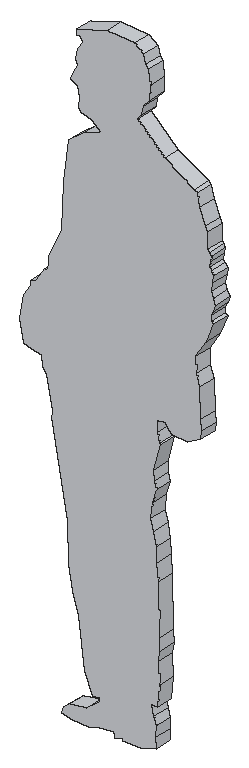
Revit family "Silhouette Man", category Generic Models, Revit 2016
Family settings
  Part Type = Normal
  Can host rebar = No
  Round Connector Dimension = Use Diameter
  Work Plane-Based = No
  Always vertical = Yes
  Cut with Voids When Loaded = No
  Shared = No
  Room Calculation Point = No
Parameters
  Material = none
  Height = 1873.138 mm
Reference planes
  plane 1 "Center (Front/Back)": y = 0
  plane 2: z = 0
  plane 3 "Center (Left/Right)": x = 0
Forms (mm)
  Extrusion 1, solid, material <- "Material"
    sketch origin (0, 0, 0) x (1, 0, 0) y (0, 0, 1)
      loop
        line (-215.673, 1172.648) -> (-240.718, 1134.028) -> (-256.894, 1128.14) -> (-256.894, 1114.459) -> (-278.843, 1083.112) -> (-287.889, 1018.745) -> (-278.843, 954.377) -> (-254.218, 946.849) -> (-225.493, 941.265) -> (-219.591, 913.499) -> (-209.683, 894.055) -> (-190.971, 806.022) -> (-190.971, 796.022) -> (-193.559, 786.362) -> (-146.441, 528.101) -> (-142.427, 413.171) -> (-130.835, 347.43) -> (-114.325, 285.811) -> (-97.263, 146.855) -> (-72.913, 86.588) -> (-63.35, 89.512) -> (-51.302, 89.512) -> (-51.302, 79.512) -> (-89.173, 50.973) -> (-140.566, 42.833) -> (-157.436, 28.169) -> (-163.251, 10.273) -> (-131.779, 2.426) -> (-85.495, 0) -> (-52.433, 8.656) -> (-10.435, 13.07) -> (-8.368, 6.31) -> (-6.439, 0) -> (16.042, 6.873) -> (16.042, 0.2) -> (69.835, 0.2) -> (116.458, 14.454) -> (115.945, 43.821) -> (116.992, 73.803) -> (108.853, 97.441) -> (103.949, 125.254) -> (119.896, 125.254) -> (125.126, 185.026) -> (122.904, 248.631) -> (127.29, 276.318) -> (126.013, 312.86) -> (122.694, 459.842) -> (118.337, 509.652) -> (116.941, 549.627) -> (109.308, 588.892) -> (100.841, 622.853) -> (104.476, 664.395) -> (116.311, 700.822) -> (111.541, 725.363) -> (110.03, 754.197) -> (129.441, 826.642) -> (125.906, 830.177) -> (119.552, 857.701) -> (119.552, 887.701) -> (131.464, 889.801) -> (145.222, 891.005) -> (152.653, 875.069) -> (164.144, 865.427) -> (210.77, 862.983) -> (249.051, 884.202) -> (251.641, 905.297) -> (248.926, 936.325) -> (245.96, 1021.273) -> (235.144, 1054.56) -> (233.574, 1099.533) -> (265.086, 1148.058) -> (287.563, 1203.689) -> (279.371, 1209.425) -> (279.371, 1224.425) -> (287.975, 1236.712) -> (292.82, 1254.796) -> (286.769, 1271.421) -> (280.409, 1288.898) -> (284.251, 1310.691) -> (287.724, 1330.387) -> (279.994, 1341.426) -> (274.258, 1349.618) -> (277.115, 1365.819) -> (279.72, 1380.591) -> (276.136, 1389.927) -> (269.065, 1396.998) -> (269.065, 1441.998) -> (263.69, 1456.002) -> (246.603, 1500.515) -> (238.136, 1534.475) -> (231.064, 1541.546) -> (140.132, 1594.046) -> (59.683, 1669.066) -> (73.495, 1684.955) -> (78.86, 1710.196) -> (97.393, 1731.516) -> (98.789, 1771.492) -> (94.288, 1814.317) -> (86.099, 1824.429) -> (79.469, 1849.174) -> (53.02, 1868.39) -> (-28.894, 1873.338) -> (-119.3, 1846.501) -> (-120.989, 1830.438) -> (-110.989, 1830.438) -> (-105.444, 1823.83) -> (-101.698, 1814.558) -> (-117.338, 1792.221) -> (-123.857, 1763.985) -> (-119.814, 1758.211) -> (-118.028, 1746.934) -> (-128.028, 1729.614) -> (-137.493, 1709.316) -> (-137.493, 1705.239) -> (-127.983, 1702.149) -> (-117.177, 1694.007) -> (-109.951, 1667.038) -> (-113.873, 1637.295) -> (-107.855, 1629.309) -> (-74.568, 1618.493) -> (-45.043, 1596.245) -> (-98.826, 1575.6) -> (-142.751, 1542.5) -> (-158.347, 1424.229) -> (-163.901, 1296.719) -> (-202.541, 1209.932) -> (-202.541, 1194.932) -> (-206.014, 1175.236) -> (-215.673, 1172.648)
    from 0 to 50
Lines and regions (mm)
  reference lines
    curve 1: line (2000, 0, 0) -> (-2000, 0, 0)
Dimensions and locks
  "Height": Extrusion 1 to Extrusion 1
  aligned and locked: level to plane 2
Automatic sketch dimensions
  curve 1 to plane 1 "Center (Front/Back)" = 0 mm
  curve 1 to plane 3 "Center (Left/Right)" = 2000 mm
  plane 3 "Center (Left/Right)" to curve 1 = 2000 mm
  Extrusion 1 sketch curve to level = 0 mm  (x2)
  Extrusion 1 sketch curve to plane 3 "Center (Left/Right)" = 287.889 mm
  Extrusion 1 sketch curve to Extrusion 1 sketch curve = 9.046 mm  (x2)
  Extrusion 1 sketch curve to Extrusion 1 sketch curve = 21.949 mm
  Extrusion 1 sketch curve to Extrusion 1 sketch curve = 24.625 mm
  Extrusion 1 sketch curve to Extrusion 1 sketch curve = 16.175 mm
  Extrusion 1 sketch curve to Extrusion 1 sketch curve = 28.725 mm
  Extrusion 1 sketch curve to Extrusion 1 sketch curve = 5.902 mm
  Extrusion 1 sketch curve to Extrusion 1 sketch curve = 25.045 mm
  Extrusion 1 sketch curve to Extrusion 1 sketch curve = 9.908 mm
  Extrusion 1 sketch curve to Extrusion 1 sketch curve = 9.659 mm  (x2)
  Extrusion 1 sketch curve to Extrusion 1 sketch curve = 3.473 mm
  Extrusion 1 sketch curve to Extrusion 1 sketch curve = 16.124 mm
  Extrusion 1 sketch curve to Extrusion 1 sketch curve = 2.588 mm  (x2)
  Extrusion 1 sketch curve to Extrusion 1 sketch curve = 38.64 mm
  level to Extrusion 1 sketch curve = 10.273 mm
  Extrusion 1 sketch curve to plane 3 "Center (Left/Right)" = 163.251 mm
  Extrusion 1 sketch curve to Extrusion 1 sketch curve = 5.554 mm  (x2)
  level to Extrusion 1 sketch curve = 28.169 mm
  Extrusion 1 sketch curve to Extrusion 1 sketch curve = 5.815 mm
  Extrusion 1 sketch curve to plane 3 "Center (Left/Right)" = 146.441 mm
  Extrusion 1 sketch curve to Extrusion 1 sketch curve = 15.596 mm
  Extrusion 1 sketch curve to Extrusion 1 sketch curve = 4.013 mm
  level to Extrusion 1 sketch curve = 42.833 mm
  Extrusion 1 sketch curve to Extrusion 1 sketch curve = 16.87 mm
  Extrusion 1 sketch curve to plane 3 "Center (Left/Right)" = 137.493 mm
  level to Extrusion 1 sketch curve = 2.426 mm
  Extrusion 1 sketch curve to Extrusion 1 sketch curve = 31.472 mm
  Extrusion 1 sketch curve to Extrusion 1 sketch curve = 11.592 mm
  Extrusion 1 sketch curve to Extrusion 1 sketch curve = 9.465 mm
  Extrusion 1 sketch curve to Extrusion 1 sketch curve = 9.511 mm
  Extrusion 1 sketch curve to Extrusion 1 sketch curve = 4.171 mm
  Extrusion 1 sketch curve to Extrusion 1 sketch curve = 2.869 mm
  Extrusion 1 sketch curve to Extrusion 1 sketch curve = 4.043 mm
  Extrusion 1 sketch curve to Extrusion 1 sketch curve = 1.688 mm
  Extrusion 1 sketch curve to Extrusion 1 sketch curve = 1.786 mm
  Extrusion 1 sketch curve to Extrusion 1 sketch curve = 6.519 mm
  Extrusion 1 sketch curve to Extrusion 1 sketch curve = 10.805 mm
  Extrusion 1 sketch curve to Extrusion 1 sketch curve = 16.511 mm
  Extrusion 1 sketch curve to Extrusion 1 sketch curve = 3.304 mm
  Extrusion 1 sketch curve to Extrusion 1 sketch curve = 10 mm  (x3)
  Extrusion 1 sketch curve to Extrusion 1 sketch curve = 7.226 mm
  Extrusion 1 sketch curve to Extrusion 1 sketch curve = 6.018 mm
  Extrusion 1 sketch curve to Extrusion 1 sketch curve = 5.545 mm
  Extrusion 1 sketch curve to Extrusion 1 sketch curve = 3.746 mm
  Extrusion 1 sketch curve to Extrusion 1 sketch curve = 9.028 mm
  Extrusion 1 sketch curve to plane 3 "Center (Left/Right)" = 97.263 mm
  Extrusion 1 sketch curve to Extrusion 1 sketch curve = 51.393 mm
  Extrusion 1 sketch curve to Extrusion 1 sketch curve = 46.284 mm
  Extrusion 1 sketch curve to Extrusion 1 sketch curve = 33.287 mm  (x2)
  Extrusion 1 sketch curve to Extrusion 1 sketch curve = 16.26 mm
  Extrusion 1 sketch curve to Extrusion 1 sketch curve = 9.563 mm
  level to Extrusion 1 sketch curve = 8.656 mm
  Extrusion 1 sketch curve to Extrusion 1 sketch curve = 33.062 mm
  Extrusion 1 sketch curve to Extrusion 1 sketch curve = 12.049 mm
  Extrusion 1 sketch curve to Extrusion 1 sketch curve = 29.525 mm
  Extrusion 1 sketch curve to plane 3 "Center (Left/Right)" = 28.894 mm
  Extrusion 1 sketch curve to plane 3 "Center (Left/Right)" = 10.435 mm
  Extrusion 1 sketch curve to Extrusion 1 sketch curve = 2.067 mm
  Extrusion 1 sketch curve to plane 3 "Center (Left/Right)" = 6.439 mm
  level to Extrusion 1 sketch curve = 6.873 mm
  plane 3 "Center (Left/Right)" to Extrusion 1 sketch curve = 16.042 mm
  plane 3 "Center (Left/Right)" to Extrusion 1 sketch curve = 53.02 mm
  plane 3 "Center (Left/Right)" to Extrusion 1 sketch curve = 59.683 mm
  level to Extrusion 1 sketch curve = 0.2 mm
  Extrusion 1 sketch curve to Extrusion 1 sketch curve = 53.793 mm
  Extrusion 1 sketch curve to Extrusion 1 sketch curve = 13.812 mm
  Extrusion 1 sketch curve to Extrusion 1 sketch curve = 5.365 mm
  Extrusion 1 sketch curve to Extrusion 1 sketch curve = 26.449 mm
  Extrusion 1 sketch curve to Extrusion 1 sketch curve = 6.63 mm
  Extrusion 1 sketch curve to Extrusion 1 sketch curve = 8.189 mm
  Extrusion 1 sketch curve to Extrusion 1 sketch curve = 18.533 mm
  Extrusion 1 sketch curve to Extrusion 1 sketch curve = 1.396 mm  (x2)
  plane 3 "Center (Left/Right)" to Extrusion 1 sketch curve = 100.841 mm
  plane 3 "Center (Left/Right)" to Extrusion 1 sketch curve = 103.949 mm
  Extrusion 1 sketch curve to Extrusion 1 sketch curve = 3.634 mm
  Extrusion 1 sketch curve to Extrusion 1 sketch curve = 4.904 mm
  Extrusion 1 sketch curve to Extrusion 1 sketch curve = 8.467 mm  (x2)
  Extrusion 1 sketch curve to Extrusion 1 sketch curve = 1.511 mm
  level to Extrusion 1 sketch curve = 43.821 mm
  Extrusion 1 sketch curve to Extrusion 1 sketch curve = 7.092 mm
  Extrusion 1 sketch curve to Extrusion 1 sketch curve = 4.77 mm
  level to Extrusion 1 sketch curve = 14.454 mm
  Extrusion 1 sketch curve to Extrusion 1 sketch curve = 0.513 mm
  Extrusion 1 sketch curve to Extrusion 1 sketch curve = 7.632 mm
  Extrusion 1 sketch curve to Extrusion 1 sketch curve = 8.139 mm
  plane 3 "Center (Left/Right)" to Extrusion 1 sketch curve = 119.552 mm
  Extrusion 1 sketch curve to Extrusion 1 sketch curve = 15.947 mm
  Extrusion 1 sketch curve to Extrusion 1 sketch curve = 4.358 mm
  plane 3 "Center (Left/Right)" to Extrusion 1 sketch curve = 122.904 mm
  Extrusion 1 sketch curve to Extrusion 1 sketch curve = 5.229 mm
  Extrusion 1 sketch curve to Extrusion 1 sketch curve = 6.354 mm
  Extrusion 1 sketch curve to Extrusion 1 sketch curve = 3.109 mm
  Extrusion 1 sketch curve to Extrusion 1 sketch curve = 4.385 mm
  Extrusion 1 sketch curve to Extrusion 1 sketch curve = 3.536 mm  (x2)
  Extrusion 1 sketch curve to Extrusion 1 sketch curve = 11.912 mm
  Extrusion 1 sketch curve to Extrusion 1 sketch curve = 80.449 mm
  Extrusion 1 sketch curve to Extrusion 1 sketch curve = 13.758 mm
  Extrusion 1 sketch curve to Extrusion 1 sketch curve = 7.431 mm
  Extrusion 1 sketch curve to Extrusion 1 sketch curve = 11.491 mm
  Extrusion 1 sketch curve to Extrusion 1 sketch curve = 46.627 mm
  Extrusion 1 sketch curve to Extrusion 1 sketch curve = 90.933 mm
  Extrusion 1 sketch curve to Extrusion 1 sketch curve = 88.351 mm
  Extrusion 1 sketch curve to Extrusion 1 sketch curve = 1.57 mm
  Extrusion 1 sketch curve to Extrusion 1 sketch curve = 7.071 mm  (x4)
  Extrusion 1 sketch curve to Extrusion 1 sketch curve = 10.816 mm  (x2)
  Extrusion 1 sketch curve to Extrusion 1 sketch curve = 38.156 mm
  Extrusion 1 sketch curve to Extrusion 1 sketch curve = 38.28 mm
  Extrusion 1 sketch curve to Extrusion 1 sketch curve = 2.59 mm
  Extrusion 1 sketch curve to Extrusion 1 sketch curve = 17.087 mm
  Extrusion 1 sketch curve to Extrusion 1 sketch curve = 31.513 mm
  Extrusion 1 sketch curve to Extrusion 1 sketch curve = 5.376 mm
  Extrusion 1 sketch curve to Extrusion 1 sketch curve = 5.193 mm
  Extrusion 1 sketch curve to Extrusion 1 sketch curve = 2.857 mm
  Extrusion 1 sketch curve to Extrusion 1 sketch curve = 14.285 mm
  Extrusion 1 sketch curve to Extrusion 1 sketch curve = 3.584 mm
  Extrusion 1 sketch curve to Extrusion 1 sketch curve = 5.736 mm  (x2)
  Extrusion 1 sketch curve to Extrusion 1 sketch curve = 0.414 mm
  Extrusion 1 sketch curve to Extrusion 1 sketch curve = 3.843 mm
  Extrusion 1 sketch curve to Extrusion 1 sketch curve = 6.361 mm
  Extrusion 1 sketch curve to Extrusion 1 sketch curve = 8.192 mm  (x2)
  Extrusion 1 sketch curve to Extrusion 1 sketch curve = 7.73 mm
  Extrusion 1 sketch curve to Extrusion 1 sketch curve = 8.604 mm
  Extrusion 1 sketch curve to Extrusion 1 sketch curve = 6.051 mm
  Extrusion 1 sketch curve to Extrusion 1 sketch curve = 6.76 mm
  level to Extrusion 1 sketch curve = 50.973 mm
  Extrusion 1 sketch curve to Extrusion 1 sketch curve = 29.982 mm
  Extrusion 1 sketch curve to Extrusion 1 sketch curve = 28.538 mm
  Extrusion 1 sketch curve to Extrusion 1 sketch curve = 7.076 mm
  Extrusion 1 sketch curve to Extrusion 1 sketch curve = 23.638 mm
  Extrusion 1 sketch curve to Extrusion 1 sketch curve = 27.813 mm
  Extrusion 1 sketch curve to Extrusion 1 sketch curve = 60.267 mm
  Extrusion 1 sketch curve to Extrusion 1 sketch curve = 59.772 mm
  Extrusion 1 sketch curve to Extrusion 1 sketch curve = 63.606 mm
  Extrusion 1 sketch curve to Extrusion 1 sketch curve = 27.686 mm
  Extrusion 1 sketch curve to Extrusion 1 sketch curve = 138.956 mm
  Extrusion 1 sketch curve to Extrusion 1 sketch curve = 36.542 mm
  Extrusion 1 sketch curve to Extrusion 1 sketch curve = 61.618 mm
  Extrusion 1 sketch curve to Extrusion 1 sketch curve = 65.741 mm
  Extrusion 1 sketch curve to Extrusion 1 sketch curve = 146.982 mm
  Extrusion 1 sketch curve to Extrusion 1 sketch curve = 49.81 mm
  Extrusion 1 sketch curve to Extrusion 1 sketch curve = 114.93 mm
  Extrusion 1 sketch curve to Extrusion 1 sketch curve = 39.976 mm  (x2)
  Extrusion 1 sketch curve to Extrusion 1 sketch curve = 39.265 mm
  Extrusion 1 sketch curve to Extrusion 1 sketch curve = 33.96 mm  (x2)
  Extrusion 1 sketch curve to Extrusion 1 sketch curve = 41.542 mm
  Extrusion 1 sketch curve to Extrusion 1 sketch curve = 36.427 mm
  Extrusion 1 sketch curve to Extrusion 1 sketch curve = 24.541 mm
  Extrusion 1 sketch curve to Extrusion 1 sketch curve = 28.834 mm
  Extrusion 1 sketch curve to Extrusion 1 sketch curve = 258.262 mm
  Extrusion 1 sketch curve to Extrusion 1 sketch curve = 72.444 mm
  Extrusion 1 sketch curve to Extrusion 1 sketch curve = 27.524 mm
  Extrusion 1 sketch curve to Extrusion 1 sketch curve = 36.342 mm
  Extrusion 1 sketch curve to Extrusion 1 sketch curve = 7.726 mm
  Extrusion 1 sketch curve to Extrusion 1 sketch curve = 9.642 mm
  Extrusion 1 sketch curve to Extrusion 1 sketch curve = 21.219 mm
  Extrusion 1 sketch curve to Extrusion 1 sketch curve = 30 mm
  Extrusion 1 sketch curve to Extrusion 1 sketch curve = 2.1 mm
  Extrusion 1 sketch curve to Extrusion 1 sketch curve = 1.204 mm
  Extrusion 1 sketch curve to Extrusion 1 sketch curve = 88.033 mm
  Extrusion 1 sketch curve to Extrusion 1 sketch curve = 21.095 mm
  Extrusion 1 sketch curve to Extrusion 1 sketch curve = 19.445 mm
  Extrusion 1 sketch curve to Extrusion 1 sketch curve = 31.028 mm
  Extrusion 1 sketch curve to Extrusion 1 sketch curve = 27.766 mm
  Extrusion 1 sketch curve to Extrusion 1 sketch curve = 5.584 mm
  Extrusion 1 sketch curve to Extrusion 1 sketch curve = 7.529 mm
  Extrusion 1 sketch curve to Extrusion 1 sketch curve = 64.367 mm  (x2)
  Extrusion 1 sketch curve to Extrusion 1 sketch curve = 84.948 mm
  Extrusion 1 sketch curve to Extrusion 1 sketch curve = 44.973 mm
  Extrusion 1 sketch curve to Extrusion 1 sketch curve = 31.346 mm
  Extrusion 1 sketch curve to Extrusion 1 sketch curve = 13.682 mm
  Extrusion 1 sketch curve to Extrusion 1 sketch curve = 5.887 mm
  Extrusion 1 sketch curve to Extrusion 1 sketch curve = 48.525 mm
  Extrusion 1 sketch curve to Extrusion 1 sketch curve = 38.621 mm
  Extrusion 1 sketch curve to Extrusion 1 sketch curve = 19.696 mm  (x2)
  Extrusion 1 sketch curve to Extrusion 1 sketch curve = 55.631 mm
  Extrusion 1 sketch curve to Extrusion 1 sketch curve = 15 mm  (x2)
  Extrusion 1 sketch curve to Extrusion 1 sketch curve = 12.287 mm
  Extrusion 1 sketch curve to Extrusion 1 sketch curve = 18.084 mm
  Extrusion 1 sketch curve to Extrusion 1 sketch curve = 16.625 mm
  Extrusion 1 sketch curve to Extrusion 1 sketch curve = 17.476 mm
  Extrusion 1 sketch curve to Extrusion 1 sketch curve = 86.787 mm
  Extrusion 1 sketch curve to Extrusion 1 sketch curve = 21.793 mm
  Extrusion 1 sketch curve to Extrusion 1 sketch curve = 11.04 mm
  Extrusion 1 sketch curve to Extrusion 1 sketch curve = 16.201 mm
  Extrusion 1 sketch curve to Extrusion 1 sketch curve = 14.772 mm
  Extrusion 1 sketch curve to Extrusion 1 sketch curve = 9.336 mm
  Extrusion 1 sketch curve to Extrusion 1 sketch curve = 127.51 mm
  Extrusion 1 sketch curve to Extrusion 1 sketch curve = 45 mm
  Extrusion 1 sketch curve to Extrusion 1 sketch curve = 14.004 mm
  Extrusion 1 sketch curve to Extrusion 1 sketch curve = 44.513 mm
  Extrusion 1 sketch curve to Extrusion 1 sketch curve = 118.27 mm
  Extrusion 1 sketch curve to Extrusion 1 sketch curve = 33.1 mm
  Extrusion 1 sketch curve to Extrusion 1 sketch curve = 52.5 mm
  Extrusion 1 sketch curve to Extrusion 1 sketch curve = 20.645 mm
  Extrusion 1 sketch curve to Extrusion 1 sketch curve = 22.248 mm
  Extrusion 1 sketch curve to Extrusion 1 sketch curve = 7.986 mm
  Extrusion 1 sketch curve to Extrusion 1 sketch curve = 29.743 mm
  Extrusion 1 sketch curve to Extrusion 1 sketch curve = 75.02 mm
  Extrusion 1 sketch curve to Extrusion 1 sketch curve = 15.889 mm
  Extrusion 1 sketch curve to Extrusion 1 sketch curve = 26.969 mm
  Extrusion 1 sketch curve to Extrusion 1 sketch curve = 8.142 mm
  Extrusion 1 sketch curve to Extrusion 1 sketch curve = 3.09 mm
  Extrusion 1 sketch curve to Extrusion 1 sketch curve = 4.077 mm
  Extrusion 1 sketch curve to Extrusion 1 sketch curve = 25.241 mm
  Extrusion 1 sketch curve to Extrusion 1 sketch curve = 20.298 mm
  Extrusion 1 sketch curve to Extrusion 1 sketch curve = 21.32 mm
  Extrusion 1 sketch curve to Extrusion 1 sketch curve = 17.321 mm
  Extrusion 1 sketch curve to Extrusion 1 sketch curve = 11.276 mm
  Extrusion 1 sketch curve to Extrusion 1 sketch curve = 5.774 mm
  Extrusion 1 sketch curve to Extrusion 1 sketch curve = 28.236 mm
  Extrusion 1 sketch curve to Extrusion 1 sketch curve = 42.825 mm
  Extrusion 1 sketch curve to Extrusion 1 sketch curve = 22.337 mm
  Extrusion 1 sketch curve to Extrusion 1 sketch curve = 9.272 mm
  Extrusion 1 sketch curve to Extrusion 1 sketch curve = 10.112 mm
  Extrusion 1 sketch curve to Extrusion 1 sketch curve = 6.608 mm
  Extrusion 1 sketch curve to Extrusion 1 sketch curve = 16.063 mm
  Extrusion 1 sketch curve to Extrusion 1 sketch curve = 24.745 mm
  Extrusion 1 sketch curve to Extrusion 1 sketch curve = 19.217 mm
  Extrusion 1 sketch curve to Extrusion 1 sketch curve = 4.947 mm
